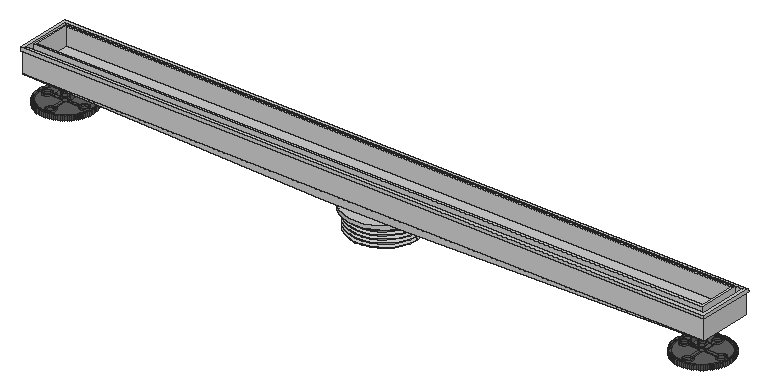
Revit family "C8971-Linear Shower Drain - 36 inch ", category Generic Models, Revit 2022
Family settings
  Can host rebar = No
  Round Connector Dimension = Use Diameter
  Part Type = Normal
  Work Plane-Based = No
  Always vertical = Yes
  Cut with Voids When Loaded = No
  Maintain Annotation Orientation = No
  Shared = No
  Room Calculation Point = No
Parameters (values of type "C8971- 36" linear Shower Drain (Tile-in)")
  Width = 70 mm
  URL = "https://kromedispense.co.in/"
  Model = "C8971"
  Length = 915 mm
  Holder Material = 4
  Gare Material = 3
  Gare Matel Material = 2
  Fram Material = 4
  Default Elevation = 0 mm
Reference planes
  plane 1 "Center (Front/Back)": y = 0
  plane 2: z = 0
  plane 3 "Center (Left/Right)": x = 0
  plane 4: x = -457.5
  plane 5: x = 457.5
  plane 6: y = 35
  plane 7: y = -35
  plane 8 "3": z = 73
  plane 9 "1": z = 31
  plane 10 "2": z = 41
  plane 11: x = -50
  plane 12: x = 50
  plane 13: x = -407.5
  plane 14: x = 407.5
Forms (mm)
  Sweep 1, solid, material "4" <- "Fram Material"
    path origin (0, 0, 73) x (-1, 0, 0) y (0, -1, 0)
      loop
        line (457.5, -35) -> (457.5, 35) -> (-457.5, 35) -> (-457.5, -35) -> (457.5, -35)
    profile origin (-457.5, 0, 73) x (1, 0, 0) y (0, 0, 1)
      loop
        line (-2, 0) -> (-2, -4) -> (0, -4) -> (0, -32) -> (2, -32) -> (2, 0) -> (-2, 0)
  Extrusion 2, solid, material "4" <- "Fram Material"
    sketch origin (0, 0, 0) x (1, 0, 0) y (0, 0, 1)
      loop
        line (-457.5, 41) -> (-50, 31) -> (50, 31) -> (457.5, 41) -> (-457.5, 41)
    from -35 to 35
  Extrusion 3, solid, material "2"
    sketch origin (-457.5, 0, 41) x (1, 0, 0) y (0, 1, 0)
      loop
        line (2, 33) -> (2, -33) -> (913, -33) -> (913, 33) -> (2, 33)
    from 0 to 1
  Sweep 4, solid, material "4" <- "Fram Material"
    path origin (-459.5, 37, 73) x (0, -1, 0) y (1, 0, 0)
      loop
        line (70, 4) -> (70, 915) -> (4, 915) -> (4, 4) -> (70, 4)
    profile origin (0, -33, 73) x (0, 1, 0) y (0, 0, 1)
      loop
        line (8, 3) -> (6, 3) -> (6, -31) -> (8, -31) -> (8, 3)
  Extrusion 5, solid, material "4" <- "Fram Material"
    sketch origin (-457.5, 0, 42) x (1, 0, 0) y (0, 1, 0)
      loop
        line (10, 25) -> (10, -25) -> (905, -25) -> (905, 25) -> (10, 25)
    from 0 to 10
Dimensions and locks
  equal spacing: plane 4, plane 3 "Center (Left/Right)", plane 5
  "Length": plane 4 to plane 5
  equal spacing: plane 6, plane 1 "Center (Front/Back)", plane 7
  "Width": plane 6 to plane 7
  plane 8 "3" to plane 2 = 73 mm
  equal spacing: plane 11, plane 3 "Center (Left/Right)", plane 12, locked at 50 each
  locked: plane 4 to plane 13 at 50
  locked: plane 14 to plane 5 at 50
  aligned and locked: level to plane 2
  aligned and locked: plane 1 "Center (Front/Back)" to nested 1
  aligned and locked: plane 3 "Center (Left/Right)" to nested 1
  aligned and locked: plane 1 "Center (Front/Back)" to nested 2
  aligned and locked: nested 3 to plane 1 "Center (Front/Back)"
  aligned and locked: plane 4 to Extrusion 2 sketch curve
  aligned and locked: plane 10 "2" to Extrusion 2 sketch curve  (x2)
  aligned and locked: plane 5 to Extrusion 2 sketch curve
  aligned and locked: plane 6 to Extrusion 2
  aligned and locked: plane 7 to Extrusion 2
  aligned and locked: Extrusion 3 sketch curve to Sweep 1  (x4)
  aligned and locked: plane 6 to Sweep 1 sketch curve
  aligned and locked: Sweep 1 sketch curve to plane 4
  aligned and locked: plane 7 to Sweep 1 sketch curve
  aligned and locked: Sweep 1 sketch curve to plane 5
  aligned and locked: Sweep 4 sketch curve to Sweep 1  (x4)
  aligned and locked: nested 2 to plane 13
  aligned and locked: plane 14 to nested 3
Automatic sketch dimensions
  Sweep 1 sketch curve to plane 8 "3" = 0 mm
  profile plane to Sweep 1 sketch curve = 0 mm
  profile plane to Sweep 1 sketch curve = 2 mm
  Sweep 1 sketch curve to Sweep 1 sketch curve = 2 mm
  Sweep 1 sketch curve to plane 8 "3" = 4 mm
  Sweep 1 sketch curve to Sweep 1 sketch curve = 28 mm
  Extrusion 2 sketch curve to plane 9 "1" = 0 mm
  Extrusion 2 sketch curve to plane 11 = 0 mm
  plane 12 to Extrusion 2 sketch curve = 0 mm
  Sweep 4 sketch curve to Sweep 4 sketch curve = 2 mm
  Sweep 4 sketch curve to profile plane = 6 mm
  profile plane to Sweep 4 sketch curve = 3 mm
  Sweep 4 sketch curve to profile plane = 31 mm
  Extrusion 5 sketch curve to Extrusion 3 = 8 mm  (x4)
Nested families
  nested 1: "Holder" at (0, 0, 0), type "Holder"
  nested 2: "Gare" at (-427.9, 0, 0), type "Gare"
  nested 3: "Gare" at (427.9, 0, 0) x (-1, 0, 0) z (0, 0, 1), type "Gare"
Definition of nested family "Holder"
  Parameters (values of type "Holder")
    Gare = none
    Default Elevation = 0 mm
  Reference planes
    plane 1 "Center (Front/Back)": y = 0
    plane 2: z = 0
    plane 3 "Center (Left/Right)": x = 0
    plane 4: x = -50
    plane 5: x = 50
    plane 6: y = 50
    plane 7: y = -50
    plane 8: z = 31
  Forms (mm)
    Revolve 1, solid, material <- "Gare"
      sketch origin (0, 0, 0) x (1, 0, 0) y (0, 0, 1)
        loop
          line (0, 31) -> (0, 0) -> (42.5, 0) -> (45, 2.5) -> (42.5, 5) -> (45, 7.5) -> (42.5, 10) -> (45, 12.5) -> (42.5, 15) -> (45, 17.5) -> (42.5, 20) -> (45, 22.5) -> (42.5, 25) -> (43.5, 26) -> (50, 26) -> (50, 31) -> (0, 31)
        axis (0, 0) -> (0, 31)
      angle from 0 to 360
  Dimensions and locks
    aligned and locked: level to plane 2
Definition of nested family "Gare"
  Parameters (values of type "Gare")
    Matel = none
    Gare = none
    Default Elevation = 0 mm
  Reference planes
    plane 1 "Center (Front/Back)": y = 0
    plane 2: z = 0
    plane 3 "Center (Left/Right)": x = 0
    plane 4: x = -36.5
    plane 5: x = 36.5
    plane 6: y = 36.5
    plane 7: y = -36.5
    plane 8: z = 41
    plane 9: z = 6
    plane 10: z = 11.5
    plane 11: z = 31
    plane 12: x = 20.4
  Forms (mm)
    Extrusion 1, solid, material <- "Gare"
      sketch origin (0, 0, 0) x (1, 0, 0) y (0, 1, 0)
        loop
          line (-36.5, 0) -> (-34.614, -1.089) -> (-36.428, -2.294) -> (-34.339, -3.331) -> (-36.19, -4.75) -> (-34.035, -5.643) -> (-35.786, -7.184) -> (-33.576, -7.93) -> (-35.219, -9.586) -> (-32.964, -10.18) -> (-34.491, -11.943) -> (-32.201, -12.384) -> (-33.605, -14.246) -> (-31.29, -14.531) -> (-32.566, -16.484) -> (-30.237, -16.612) -> (-31.378, -18.646) -> (-29.046, -18.617) -> (-30.046, -20.724) -> (-27.722, -20.537) -> (-28.578, -22.706) -> (-26.271, -22.363) -> (-26.978, -24.585) -> (-24.7, -24.087) -> (-25.256, -26.352) -> (-23.016, -25.7) -> (-23.418, -27.998) -> (-21.227, -27.196) -> (-21.473, -29.516) -> (-19.341, -28.568) -> (-19.429, -30.899) -> (-17.367, -29.81) -> (-17.298, -32.141) -> (-15.314, -30.915) -> (-15.087, -33.236) -> (-13.19, -31.879) -> (-12.807, -34.18) -> (-11.006, -32.697) -> (-10.468, -34.967) -> (-8.772, -33.366) -> (-8.082, -35.594) -> (-6.498, -33.883) -> (-5.659, -36.059) -> (-4.194, -34.244) -> (-3.21, -36.359) -> (-1.87, -34.449) -> (-0.746, -36.492) -> (0.461, -34.497) -> (1.721, -36.459) -> (2.791, -34.387) -> (4.181, -36.26) -> (5.108, -34.12) -> (6.621, -35.895) -> (7.401, -33.697) -> (9.031, -35.365) -> (9.661, -33.12) -> (11.399, -34.674) -> (11.876, -32.391) -> (13.716, -33.825) -> (14.037, -31.515) -> (15.97, -32.821) -> (16.135, -30.495) -> (18.151, -31.667) -> (18.158, -29.335) -> (20.249, -30.368) -> (20.098, -28.041) -> (22.254, -28.931) -> (21.947, -26.619) -> (24.158, -27.362) -> (23.695, -25.076) -> (25.951, -25.667) -> (25.335, -23.418) -> (27.626, -23.855) -> (26.859, -21.652) -> (29.174, -21.934) -> (28.261, -19.788) -> (30.59, -19.913) -> (29.533, -17.834) -> (31.865, -17.801) -> (30.671, -15.798) -> (32.995, -15.607) -> (31.668, -13.69) -> (33.974, -13.342) -> (32.52, -11.519) -> (34.798, -11.017) -> (33.224, -9.295) -> (35.463, -8.641) -> (33.776, -7.03) -> (35.965, -6.225) -> (34.174, -4.732) -> (36.304, -3.781) -> (34.416, -2.412) -> (36.476, -1.32) -> (34.5, -0.081) -> (36.482, 1.148) -> (34.427, 2.25) -> (36.321, 3.61) -> (34.196, 4.57) -> (35.994, 6.055) -> (33.809, 6.87) -> (35.503, 8.473) -> (33.268, 9.139) -> (34.849, 10.853) -> (32.574, 11.365) -> (34.036, 13.182) -> (31.732, 13.54) -> (33.068, 15.452) -> (30.745, 15.653) -> (31.949, 17.65) -> (29.617, 17.694) -> (30.683, 19.769) -> (28.354, 19.655) -> (29.277, 21.796) -> (26.961, 21.526) -> (27.738, 23.725) -> (25.445, 23.298) -> (26.072, 25.544) -> (23.813, 24.964) -> (24.286, 27.247) -> (22.072, 26.516) -> (22.39, 28.826) -> (20.23, 27.946) -> (20.391, 30.273) -> (18.296, 29.249) -> (18.3, 31.581) -> (16.278, 30.418) -> (16.124, 32.745) -> (14.186, 31.449) -> (13.875, 33.76) -> (12.029, 32.335) -> (11.563, 34.62) -> (9.817, 33.074) -> (9.197, 35.322) -> (7.56, 33.662) -> (6.79, 35.863) -> (5.268, 34.095) -> (4.351, 36.24) -> (2.953, 34.373) -> (1.893, 36.451) -> (0.624, 34.494) -> (-0.574, 36.495) -> (-1.708, 34.458) -> (-3.038, 36.373) -> (-4.032, 34.264) -> (-5.489, 36.085) -> (-6.338, 33.913) -> (-7.914, 35.632) -> (-8.615, 33.407) -> (-10.303, 35.016) -> (-10.852, 32.749) -> (-12.645, 34.239) -> (-13.04, 31.941) -> (-14.93, 33.307) -> (-15.168, 30.987) -> (-17.146, 32.222) -> (-17.227, 29.891) -> (-19.284, 30.99) -> (-19.207, 28.659) -> (-21.333, 29.617) -> (-21.099, 27.296) -> (-23.285, 28.108) -> (-22.895, 25.808) -> (-25.131, 26.47) -> (-24.586, 24.203) -> (-26.862, 24.712) -> (-26.165, 22.486) -> (-28.47, 22.841) -> (-27.625, 20.667) -> (-29.948, 20.865) -> (-28.958, 18.754) -> (-31.29, 18.794) -> (-30.159, 16.754) -> (-32.488, 16.637) -> (-31.222, 14.679) -> (-33.538, 14.404) -> (-32.142, 12.536) -> (-34.434, 12.105) -> (-32.915, 10.336) -> (-35.173, 9.751) -> (-33.539, 8.088) -> (-35.752, 7.353) -> (-34.008, 5.804) -> (-36.167, 4.921) -> (-34.323, 3.493) -> (-36.417, 2.466) -> (-34.48, 1.166) -> (-36.5, 0)
        loop
          circle (0, 0) r 33.5
      from 0 to 5
    Extrusion 2, solid, material <- "Gare"
      sketch origin (0, 0, 0) x (1, 0, 0) y (0, 1, 0)
        loop
          circle (0, 0) r 33.5
        loop
          circle (-25.159, 0) r 5
        loop
          circle (0, 25.159) r 5
        loop
          circle (0, -25.159) r 5
        loop
          circle (25.159, 0) r 5
      from 1 to 4
    Extrusion 3, solid, material <- "Gare"
      sketch origin (0, 0, 4) x (1, 0, 0) y (0, 1, 0)
        loop
          circle (-25.159, 0) r 5
        loop
          circle (0, 25.159) r 5
        loop
          circle (0, -25.159) r 5
        loop
          circle (25.159, 0) r 5
        loop
          arc (-19.35, 1.5) -> (-25.915, 5.952) -> (-31.159, 0) r 6
          arc (-31.159, 0) -> (-25.915, -5.952) -> (-19.35, -1.5) r 6
          line (-19.35, -1.5) -> (-1.5, -1.5) -> (-1.5, -19.35)
          arc (-1.5, -19.35) -> (-5.952, -25.915) -> (0, -31.159) r 6
          arc (0, -31.159) -> (5.952, -25.915) -> (1.5, -19.35) r 6
          line (1.5, -19.35) -> (1.5, -1.5) -> (19.35, -1.5)
          arc (19.35, -1.5) -> (25.915, -5.952) -> (31.159, 0) r 6
          arc (31.159, 0) -> (25.915, 5.952) -> (19.35, 1.5) r 6
          line (19.35, 1.5) -> (1.5, 1.5) -> (1.5, 19.35)
          arc (1.5, 19.35) -> (5.952, 25.915) -> (0, 31.159) r 6
          arc (0, 31.159) -> (-5.952, 25.915) -> (-1.5, 19.35) r 6
          line (-1.5, 19.35) -> (-1.5, 1.5) -> (-19.35, 1.5)
      from 0 to 1
    Extrusion 4, solid, material <- "Gare"
      sketch origin (0, 0, 0.5) x (0, -1, 0) y (-1, 0, 0)
        loop
          circle (0, 25.159) r 5
        loop
          circle (-25.159, 0) r 5
        loop
          circle (25.159, 0) r 5
        loop
          circle (0, -25.159) r 5
        loop
          line (-1.5, 19.35) -> (-1.5, 1.5) -> (-19.35, 1.5)
          arc (-19.35, 1.5) -> (-25.915, 5.952) -> (-31.159, 0) r 6
          arc (-31.159, 0) -> (-25.915, -5.952) -> (-19.35, -1.5) r 6
          line (-19.35, -1.5) -> (-1.5, -1.5) -> (-1.5, -19.35)
          arc (-1.5, -19.35) -> (-5.952, -25.915) -> (0, -31.159) r 6
          arc (0, -31.159) -> (5.952, -25.915) -> (1.5, -19.35) r 6
          line (1.5, -19.35) -> (1.5, -1.5) -> (19.35, -1.5)
          arc (19.35, -1.5) -> (25.915, -5.952) -> (31.159, 0) r 6
          arc (31.159, 0) -> (25.915, 5.952) -> (19.35, 1.5) r 6
          line (19.35, 1.5) -> (1.5, 1.5) -> (1.5, 19.35)
          arc (1.5, 19.35) -> (5.952, 25.915) -> (0, 31.159) r 6
          arc (0, 31.159) -> (-5.952, 25.915) -> (-1.5, 19.35) r 6
      from -0.5 to 0.5
    Extrusion 5, solid, material <- "Matel"
      sketch origin (-2411.137, -1524, 6) x (-1, 0, 0) y (0, -1, 0)
        loop
          line (-2416.137, -1526.887) -> (-2411.137, -1529.774) -> (-2406.137, -1526.887) -> (-2406.137, -1521.113) -> (-2411.137, -1518.226) -> (-2416.137, -1521.113) -> (-2416.137, -1526.887)
      from 0 to 3
    Extrusion 6, solid, material <- "Matel"
      sketch origin (0, 0, 5) x (1, 0, 0) y (0, 1, 0)
        loop
          circle (0, 0) r 3.5
      from 0 to 12.455
    Extrusion 7, solid, material <- "Matel"
      sketch origin (-2411.137, -1524, 11.5) x (-1, 0, 0) y (0, -1, 0)
        loop
          line (-2416.137, -1526.887) -> (-2411.137, -1529.774) -> (-2406.137, -1526.887) -> (-2406.137, -1521.113) -> (-2411.137, -1518.226) -> (-2416.137, -1521.113) -> (-2416.137, -1526.887)
      from 0 to 3
    Extrusion 8, solid, material <- "Matel"
      sketch origin (0, 0, 0) x (1, 0, 0) y (0, 0, 1)
        loop
          line (-10, 11.5) -> (-10, 10.7) -> (10.8, 10.7) -> (10.8, 40.2) -> (30, 40.2) -> (30, 41) -> (10, 41) -> (10, 11.5) -> (-10, 11.5)
      from -6 to 6
    Revolve 9, solid, material <- "Matel"
      sketch origin (0, 0, 0) x (1, 0, 0) y (0, 0, 1)
        loop
          line (20.4, 40.2) -> (20.4, 30.2) -> (23.351, 30.2)
          arc (23.351, 30.2) -> (23.06, 33.952) -> (23.4, 37.7) r 22.425
          line (23.4, 37.7) -> (23.4, 40.2) -> (20.4, 40.2)
        axis (20.4, 30.2) -> (20.4, 40.2)
      angle from 0 to 360
  Cuts and joins
    joined: Extrusion 1, Extrusion 2, Extrusion 3, Extrusion 4
  Dimensions and locks
    plane 11 to level = 31 mm
    plane 8 to level = 41 mm
    aligned and locked: level to plane 2
